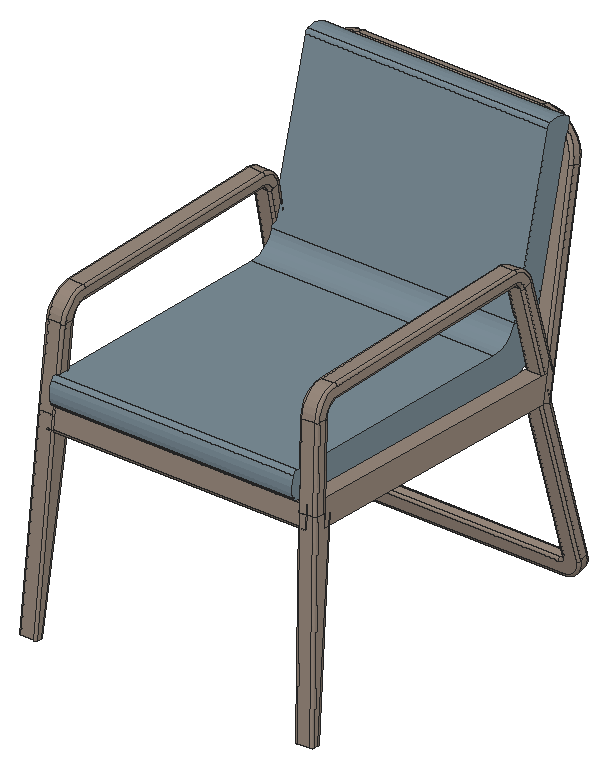
Revit family "FU_Chair_Sandler_Lift 5-1", category Furniture, Revit 2022
Family settings
  OmniClass Number = 23.40.20.00
  OmniClass Title = General Furniture and Specialties
  Work Plane-Based = No
  Always vertical = Yes
  Cut with Voids When Loaded = No
  Render Appearance Source = Family Geometry
  Shared = No
  Room Calculation Point = No
Parameters (values of type "Lift 5.1")
  Width = 580 mm
  URL = "https://www.sandlerseating.com/product/lift-5-1/"
  Seat [instance] = Fabric - Mainline Flax - Epping MLF51
  Model = "Lift 5.1"
  Manufacturer = "Sandler"
  Height = 810 mm
  Frame [instance] = Ash - Walnut Stain
  Description = "Lounge chair with wooden frame and upholstered seat"
  Depth = 720 mm
  Default Elevation = 0 mm
Reference planes
  plane 1 "Center (Front/Back)": y = 0
  plane 2: z = 0
  plane 3 "Center (Left/Right)": x = 0
  plane 4 "Right": x = -290
  plane 5 "Left": x = 290
  plane 6 "Back": y = 360
  plane 7 "Front": y = -360
  plane 8 "Height": z = 810
  plane 9 "Seat Height": z = 420
  plane 10 "Left Frame Angle FRONT": through (272.645, -1524, -0.702) normal (-0.9992, 0, -0.0407)
  plane 11 "Franme Seat Base RIGHT": through (4267.2, 208.015, 371.89) normal (0, -0.0349, -0.9994)
  plane 12 "Right Frame Angle FRONT": through (-272.645, -1524, -0.702) normal (-0.9992, 0, 0.0407)
  plane 13 "Back Legs RIGHT": through (4267.2, 309.143, 56.482) normal (0, -0.9703, -0.2419)
  plane 14 "back Frame RIGHT": through (4267.2, 331.77, 728.538) normal (0, 0.9703, -0.2419)
Forms (mm)
  Sweep 1, solid, material "Ash - Walnut Stain" <- "Frame"
    path origin (272.164, 0, 11.089) x (0.040709, 0, -0.999171) y (0, -1, 0)
      loop
        line (-379.624, 319.212) -> (-537.489, 306.277)
        arc (-537.489, 306.277) -> (-562.922, 294.274) -> (-574.168, 268.496) r 40
        arc (-574.168, 268.496) -> (-580.818, 47.578) -> (-577.717, -173.418) r 5009.061
        arc (-577.717, -173.418) -> (-571.04, -191.229) -> (-554.994, -201.445) r 30
        line (-554.994, -201.445) -> (-380.341, -244.99)
    profile origin (253.497, -312.745, 469.265) x (0.003324, 0.99666, -0.081594) y (-0.999171, 0, -0.040709)
      loop
        line (-13.042, 12.457) -> (-12.958, -12.543)
        arc (-12.958, -12.543) -> (-11.482, -16.074) -> (-7.942, -17.527) r 5
        line (-7.942, -17.527) -> (8.058, -17.473)
        arc (8.058, -17.473) -> (11.589, -15.997) -> (13.042, -12.457) r 5
        line (13.042, -12.457) -> (12.958, 12.543)
        arc (12.958, 12.543) -> (11.482, 16.074) -> (7.942, 17.527) r 5
        line (7.942, 17.527) -> (-8.058, 17.473)
        arc (-8.058, 17.473) -> (-11.589, 15.997) -> (-13.042, 12.457) r 5
  SweptBlend 2, solid, material "Ash - Walnut Stain" <- "Frame"
    path origin (272.164, 0, 11.089) x (0.040709, 0, -0.999171) y (0, -1, 0)
      loop
        line (11.8, 350) -> (-379.579, 317.932)
    profile origin (272.645, -350, -0.702) x (0.003324, 0.99666, -0.081594) y (-0.999171, 0, -0.040709)
      loop
        line (-9.042, 12.47) -> (-8.958, -12.53)
        arc (-8.958, -12.53) -> (-7.482, -16.061) -> (-3.942, -17.513) r 5
        line (-3.942, -17.513) -> (4.058, -17.487)
        arc (4.058, -17.487) -> (7.589, -16.01) -> (9.042, -12.47) r 5
        line (9.042, -12.47) -> (8.958, 12.53)
        arc (8.958, 12.53) -> (7.482, 16.061) -> (3.942, 17.513) r 5
        line (3.942, 17.513) -> (-4.058, 17.487)
        arc (-4.058, 17.487) -> (-7.589, 16.01) -> (-9.042, 12.47) r 5
    end profile origin (256.712, -317.932, 390.353) x (0.003324, 0.99666, -0.081594) y (-0.999171, 0, -0.040709)
      loop
        line (-14.321, 12.457) -> (-14.238, -12.543)
        arc (-14.238, -12.543) -> (-12.761, -16.074) -> (-9.221, -17.527) r 5
        line (-9.221, -17.527) -> (20.779, -17.427)
        arc (20.779, -17.427) -> (24.309, -15.95) -> (25.762, -12.41) r 5
        line (25.762, -12.41) -> (25.679, 12.59)
        arc (25.679, 12.59) -> (24.203, 16.12) -> (20.662, 17.573) r 5
        line (20.662, 17.573) -> (-9.337, 17.473)
        arc (-9.337, 17.473) -> (-12.868, 15.997) -> (-14.321, 12.457) r 5
  Sweep 3, solid, material "Ash - Walnut Stain" <- "Frame"
    path origin (0, 141.339, -35.24) x (0, 0.241922, 0.970296) y (1, 0, 0)
      loop
        line (391.645, -258.785) -> (779.15, -242.514)
        arc (779.15, -242.514) -> (819.94, -224.094) -> (836.633, -182.567) r 60
        line (836.633, -182.567) -> (836.633, 182.567)
        arc (836.633, 182.567) -> (819.94, 224.094) -> (779.15, 242.514) r 60
        line (779.15, 242.514) -> (391.645, 258.785)
    profile origin (0, 343.739, 776.541) x (0, -0.241922, -0.970296) y (0, 0.970296, -0.241922)
      loop
        line (17.5, -7) -> (17.5, 7)
        arc (17.5, 7) -> (16.036, 10.536) -> (12.5, 12) r 5
        line (12.5, 12) -> (-12.5, 12)
        arc (-12.5, 12) -> (-16.036, 10.536) -> (-17.5, 7) r 5
        line (-17.5, 7) -> (-17.5, -7)
        arc (-17.5, -7) -> (-16.036, -10.536) -> (-12.5, -12) r 5
        line (-12.5, -12) -> (12.5, -12)
        arc (12.5, -12) -> (16.036, -10.536) -> (17.5, -7) r 5
  Sweep 4, solid, material "Ash - Walnut Stain" <- "Frame"
    path origin (0, 304.309, 75.873) x (0, 0.241922, -0.970296) y (1, 0, 0)
      loop
        line (-306.52, -256.405) -> (34.647, -270.731)
        arc (34.647, -270.731) -> (52.998, -263.798) -> (60.695, -245.753) r 25
        line (60.695, -245.753) -> (60.695, 245.753)
        arc (60.695, 245.753) -> (52.998, 263.798) -> (34.647, 270.731) r 25
        line (34.647, 270.731) -> (-306.52, 256.405)
    profile origin (0, 318.992, 16.98) x (0, -0.241922, 0.970296) y (0, -0.970296, -0.241922)
      loop
        line (-17.5, 7) -> (-17.5, -7)
        arc (-17.5, -7) -> (-16.036, -10.536) -> (-12.5, -12) r 5
        line (-12.5, -12) -> (12.5, -12)
        arc (12.5, -12) -> (16.036, -10.536) -> (17.5, -7) r 5
        line (17.5, -7) -> (17.5, 7)
        arc (17.5, 7) -> (16.036, 10.536) -> (12.5, 12) r 5
        line (12.5, 12) -> (-12.5, 12)
        arc (-12.5, 12) -> (-16.036, 10.536) -> (-17.5, 7) r 5
  Extrusion 5, solid, material "Ash - Walnut Stain" <- "Frame"
    sketch origin (272.164, 0, 11.089) x (0.040709, 0, -0.999171) y (0, -1, 0)
      loop
        line (-403.803, 310.664) -> (-384.193, -251.371) -> (-334.624, -239.002) -> (-353.803, 310.664) -> (-403.803, 310.664)
    from 17.5 to -17.5
  Sweep 6, solid, material "Ash - Walnut Stain" <- "Frame"
    path origin (-272.164, 0, 11.089) x (-0.040709, 0, -0.999171) y (0, 1, 0)
      loop
        line (-379.624, -319.212) -> (-537.489, -306.277)
        arc (-537.489, -306.277) -> (-562.922, -294.274) -> (-574.168, -268.496) r 40
        arc (-574.168, -268.496) -> (-580.818, -47.578) -> (-577.717, 173.418) r 5009.061
        arc (-577.717, 173.418) -> (-571.04, 191.229) -> (-554.994, 201.445) r 30
        line (-554.994, 201.445) -> (-380.341, 244.99)
    profile origin (-253.497, -312.745, 469.265) x (0.003324, -0.99666, 0.081594) y (0.999171, 0, -0.040709)
      loop
        arc (13.042, 12.457) -> (11.589, 15.997) -> (8.058, 17.473) r 5
        line (8.058, 17.473) -> (-7.942, 17.527)
        arc (-7.942, 17.527) -> (-11.482, 16.074) -> (-12.958, 12.543) r 5
        line (-12.958, 12.543) -> (-13.042, -12.457)
        arc (-13.042, -12.457) -> (-11.589, -15.997) -> (-8.058, -17.473) r 5
        line (-8.058, -17.473) -> (7.942, -17.527)
        arc (7.942, -17.527) -> (11.482, -16.074) -> (12.958, -12.543) r 5
        line (12.958, -12.543) -> (13.042, 12.457)
  SweptBlend 7, solid, material "Ash - Walnut Stain" <- "Frame"
    path origin (-272.164, 0, 11.089) x (-0.040709, 0, -0.999171) y (0, 1, 0)
      loop
        line (11.8, -350) -> (-379.579, -317.932)
    profile origin (-272.645, -350, -0.702) x (0.003324, -0.99666, 0.081594) y (0.999171, 0, -0.040709)
      loop
        arc (9.042, 12.47) -> (7.589, 16.01) -> (4.058, 17.487) r 5
        line (4.058, 17.487) -> (-3.942, 17.513)
        arc (-3.942, 17.513) -> (-7.482, 16.061) -> (-8.958, 12.53) r 5
        line (-8.958, 12.53) -> (-9.042, -12.47)
        arc (-9.042, -12.47) -> (-7.589, -16.01) -> (-4.058, -17.487) r 5
        line (-4.058, -17.487) -> (3.942, -17.513)
        arc (3.942, -17.513) -> (7.482, -16.061) -> (8.958, -12.53) r 5
        line (8.958, -12.53) -> (9.042, 12.47)
    end profile origin (-256.712, -317.932, 390.353) x (0.003324, -0.99666, 0.081594) y (0.999171, 0, -0.040709)
      loop
        arc (14.321, 12.457) -> (12.868, 15.997) -> (9.337, 17.473) r 5
        line (9.337, 17.473) -> (-20.662, 17.573)
        arc (-20.662, 17.573) -> (-24.203, 16.12) -> (-25.679, 12.59) r 5
        line (-25.679, 12.59) -> (-25.762, -12.41)
        arc (-25.762, -12.41) -> (-24.309, -15.95) -> (-20.779, -17.427) r 5
        line (-20.779, -17.427) -> (9.221, -17.527)
        arc (9.221, -17.527) -> (12.761, -16.074) -> (14.238, -12.543) r 5
        line (14.238, -12.543) -> (14.321, 12.457)
  Extrusion 8, solid, material "Ash - Walnut Stain" <- "Frame"
    sketch origin (-272.164, 0, 11.089) x (-0.040709, 0, -0.999171) y (0, 1, 0)
      loop
        line (-403.803, -310.664) -> (-353.803, -310.664) -> (-334.624, 239.002) -> (-384.193, 251.371) -> (-403.803, -310.664)
    from 17.5 to -17.5
  Extrusion 9, solid, material "Ash - Walnut Stain" <- "Frame"
    sketch origin (0, 0, 0) x (0, 1, 0) y (0, 0, 1)
      loop
        line (-330.662, 406.373) -> (-333.452, 366.47)
        arc (-333.452, 366.47) -> (-332.238, 362.841) -> (-328.813, 361.134) r 5
        line (-328.813, 361.134) -> (-301.074, 359.194)
        arc (-301.074, 359.194) -> (-297.445, 360.408) -> (-295.738, 363.833) r 5
        line (-295.738, 363.833) -> (-292.948, 403.736)
        arc (-292.948, 403.736) -> (-294.162, 407.365) -> (-297.587, 409.072) r 5
        line (-297.587, 409.072) -> (-325.326, 411.012)
        arc (-325.326, 411.012) -> (-328.955, 409.798) -> (-330.662, 406.373) r 5
    from -257 to 257
  Extrusion 10, solid, material "Fabric - Mainline Flax - Epping MLF51" <- "Seat"
    sketch origin (0, 0, -0.85) x (0, 1, 0) y (0, 0, 1)
      loop
        line (-333.417, 412.603) -> (198.374, 394.032)
        arc (198.374, 394.032) -> (230.21, 404.07) -> (248.634, 431.906) r 50
        line (248.634, 431.906) -> (337.398, 787.92)
        arc (337.398, 787.92) -> (337.127, 793.664) -> (333.737, 798.308) r 10
        arc (333.737, 798.308) -> (313.379, 806.869) -> (291.412, 804.592) r 44.515
        arc (291.412, 804.592) -> (287.489, 801.95) -> (285.219, 797.8) r 10
        line (285.219, 797.8) -> (202.826, 490.305)
        arc (202.826, 490.305) -> (184.485, 463.213) -> (153.319, 453.261) r 50
        line (153.319, 453.261) -> (-332.068, 465.02)
        arc (-332.068, 465.02) -> (-337.671, 463.465) -> (-341.462, 459.054) r 10
        arc (-341.462, 459.054) -> (-345.901, 439.119) -> (-342.398, 418.999) r 52.51
        arc (-342.398, 418.999) -> (-338.869, 414.451) -> (-333.417, 412.603) r 10
    from -239 to 239
Dimensions and locks
  equal spacing: plane 6 "Back", plane 1 "Center (Front/Back)", plane 7 "Front"
  "Depth": plane 6 "Back" to plane 7 "Front"
  equal spacing: plane 4 "Right", plane 3 "Center (Left/Right)", plane 5 "Left"
  "Width": plane 4 "Right" to plane 5 "Left"
  "Height": plane 8 "Height" to level
  aligned and locked: level to plane 2
Automatic sketch dimensions
  Sweep 1 sketch curve to plane 6 "Back" = 158.555 mm
  Sweep 1 sketch curve to Sweep 1 sketch curve = 7.258 mm
  plane 7 "Front" to Sweep 1 sketch curve = 53.723 mm
  Sweep 1 sketch curve to Sweep 1 sketch curve = 10.248 mm
  Sweep 1 sketch curve to Sweep 1 sketch curve = 3.266 mm
  plane 1 "Center (Front/Back)" to Sweep 1 sketch curve = 7.353 mm
  Sweep 1 sketch curve to Sweep 1 sketch curve = 4962.303 mm
  Sweep 1 sketch curve to Sweep 1 sketch curve = 29.109 mm
  Sweep 1 sketch curve to Sweep 1 sketch curve = 39.866 mm
  Sweep 1 sketch curve to Sweep 1 sketch curve = 0 mm
  Sweep 1 sketch curve to plane 6 "Back" = 115.01 mm
  Sweep 1 sketch curve to Sweep 1 sketch curve = 174.653 mm
  plane 7 "Front" to Sweep 1 sketch curve = 40.788 mm
  Sweep 1 sketch curve to Sweep 1 sketch curve = 157.865 mm
  profile plane to Sweep 1 sketch curve = 13.042 mm
  profile plane to Sweep 1 sketch curve = 12.958 mm
  Sweep 1 sketch curve to Sweep 1 sketch curve = 4.983 mm  (x2)
  Sweep 1 sketch curve to Sweep 1 sketch curve = 0.017 mm  (x6)
  Sweep 1 sketch curve to Sweep 1 sketch curve = 5 mm  (x4)
  Sweep 1 sketch curve to profile plane = 7.942 mm
  Sweep 1 sketch curve to profile plane = 8.042 mm
  Sweep 1 sketch curve to plane 10 "Left Frame Angle FRONT" = 17.527 mm
  Sweep 1 sketch curve to Sweep 1 sketch curve = 0.053 mm
  plane 10 "Left Frame Angle FRONT" to Sweep 1 sketch curve = 12.457 mm
  plane 10 "Left Frame Angle FRONT" to Sweep 1 sketch curve = 12.527 mm
  plane 7 "Front" to SweptBlend 2 sketch curve = 42.068 mm
  plane 7 "Front" to SweptBlend 2 sketch curve = 10 mm
  SweptBlend 2 sketch curve to SweptBlend 2 sketch curve = 391.379 mm
  profile plane to SweptBlend 2 sketch curve = 9.042 mm
  profile plane to SweptBlend 2 sketch curve = 8.958 mm
  profile plane to SweptBlend 2 sketch curve = 4.058 mm
  profile plane to SweptBlend 2 sketch curve = 4.042 mm
  profile plane to SweptBlend 2 sketch curve = 3.958 mm
  profile plane to SweptBlend 2 sketch curve = 3.942 mm
  SweptBlend 2 sketch curve to profile plane = 3.942 mm
  SweptBlend 2 sketch curve to profile plane = 3.958 mm
  SweptBlend 2 sketch curve to profile plane = 4.042 mm
  SweptBlend 2 sketch curve to profile plane = 4.058 mm
  SweptBlend 2 sketch curve to SweptBlend 2 sketch curve = 5 mm  (x7)
  SweptBlend 2 sketch curve to plane 10 "Left Frame Angle FRONT" = 17.513 mm
  SweptBlend 2 sketch curve to SweptBlend 2 sketch curve = 0.027 mm  (x2)
  SweptBlend 2 sketch curve to SweptBlend 2 sketch curve = 4.983 mm  (x2)
  plane 10 "Left Frame Angle FRONT" to SweptBlend 2 sketch curve = 12.47 mm
  SweptBlend 2 sketch curve to SweptBlend 2 sketch curve = 0.017 mm  (x9)
  profile plane to SweptBlend 2 sketch curve = 14.321 mm
  profile plane to SweptBlend 2 sketch curve = 14.238 mm
  SweptBlend 2 sketch curve to profile plane = 20.662 mm
  SweptBlend 2 sketch curve to profile plane = 20.762 mm
  plane 10 "Left Frame Angle FRONT" to SweptBlend 2 sketch curve = 12.59 mm
  SweptBlend 2 sketch curve to plane 10 "Left Frame Angle FRONT" = 12.41 mm
  SweptBlend 2 sketch curve to plane 10 "Left Frame Angle FRONT" = 12.527 mm
  plane 10 "Left Frame Angle FRONT" to SweptBlend 2 sketch curve = 12.457 mm
  plane 4 "Right" to Sweep 3 sketch curve = 31.215 mm
  Sweep 3 sketch curve to plane 5 "Left" = 31.215 mm
  Sweep 3 sketch curve to Sweep 3 sketch curve = 0 mm  (x2)
  Sweep 3 sketch curve to plane 5 "Left" = 107.433 mm
  Sweep 3 sketch curve to Sweep 3 sketch curve = 384.987 mm
  plane 4 "Right" to Sweep 3 sketch curve = 107.433 mm
  plane 4 "Right" to Sweep 3 sketch curve = 47.486 mm
  Sweep 3 sketch curve to Sweep 3 sketch curve = 2.517 mm
  Sweep 3 sketch curve to plane 5 "Left" = 47.486 mm
  Sweep 3 sketch curve to plane 14 "back Frame RIGHT" = 7 mm
  profile plane to Sweep 3 sketch curve = 17.5 mm
  Sweep 3 sketch curve to Sweep 3 sketch curve = 5 mm  (x3)
  Sweep 3 sketch curve to profile plane = 12.5 mm  (x2)
  plane 14 "back Frame RIGHT" to Sweep 3 sketch curve = 7 mm
  plane 4 "Right" to Sweep 4 sketch curve = 33.595 mm
  Sweep 4 sketch curve to plane 5 "Left" = 33.595 mm
  Sweep 4 sketch curve to Sweep 4 sketch curve = 0 mm
  plane 4 "Right" to Sweep 4 sketch curve = 19.269 mm
  Sweep 4 sketch curve to Sweep 4 sketch curve = 341.166 mm  (x2)
  Sweep 4 sketch curve to plane 5 "Left" = 19.269 mm
  Sweep 4 sketch curve to Sweep 4 sketch curve = 1.049 mm  (x2)
  Sweep 4 sketch curve to Sweep 4 sketch curve = 25 mm
  profile plane to Sweep 4 sketch curve = 17.5 mm
  Sweep 4 sketch curve to Sweep 4 sketch curve = 5 mm  (x3)
  Sweep 4 sketch curve to profile plane = 12.5 mm  (x2)
  Sweep 4 sketch curve to plane 13 "Back Legs RIGHT" = 12 mm
  plane 13 "Back Legs RIGHT" to Sweep 4 sketch curve = 7 mm
  plane 7 "Front" to Extrusion 5 sketch curve = 49.336 mm
  Extrusion 5 sketch curve to plane 6 "Back" = 108.629 mm
  Extrusion 5 sketch curve to Extrusion 5 sketch curve = 19.61 mm
  Extrusion 5 sketch curve to Extrusion 5 sketch curve = 50 mm
  Extrusion 5 sketch curve to plane 6 "Back" = 120.998 mm
  Extrusion 5 sketch curve to Extrusion 5 sketch curve = 49.568 mm
  Sweep 6 sketch curve to plane 6 "Back" = 158.555 mm
  Sweep 6 sketch curve to Sweep 6 sketch curve = 7.258 mm
  plane 7 "Front" to Sweep 6 sketch curve = 53.723 mm
  Sweep 6 sketch curve to Sweep 6 sketch curve = 10.248 mm
  Sweep 6 sketch curve to Sweep 6 sketch curve = 3.266 mm
  plane 1 "Center (Front/Back)" to Sweep 6 sketch curve = 7.353 mm
  Sweep 6 sketch curve to Sweep 6 sketch curve = 4962.303 mm
  Sweep 6 sketch curve to Sweep 6 sketch curve = 39.866 mm
  Sweep 6 sketch curve to Sweep 6 sketch curve = 29.109 mm
  Sweep 6 sketch curve to Sweep 6 sketch curve = 0 mm
  Sweep 6 sketch curve to plane 6 "Back" = 115.01 mm
  Sweep 6 sketch curve to Sweep 6 sketch curve = 174.653 mm
  plane 7 "Front" to Sweep 6 sketch curve = 40.788 mm
  Sweep 6 sketch curve to Sweep 6 sketch curve = 157.865 mm
  profile plane to Sweep 6 sketch curve = 13.042 mm
  profile plane to Sweep 6 sketch curve = 12.958 mm
  Sweep 6 sketch curve to Sweep 6 sketch curve = 4.983 mm  (x2)
  Sweep 6 sketch curve to Sweep 6 sketch curve = 0.017 mm  (x6)
  Sweep 6 sketch curve to Sweep 6 sketch curve = 5 mm  (x4)
  Sweep 6 sketch curve to profile plane = 7.942 mm
  Sweep 6 sketch curve to profile plane = 8.042 mm
  Sweep 6 sketch curve to profile plane = 17.527 mm
  Sweep 6 sketch curve to Sweep 6 sketch curve = 0.053 mm
  profile plane to Sweep 6 sketch curve = 12.457 mm
  profile plane to Sweep 6 sketch curve = 12.527 mm
  plane 7 "Front" to SweptBlend 7 sketch curve = 42.068 mm
  plane 7 "Front" to SweptBlend 7 sketch curve = 10 mm
  SweptBlend 7 sketch curve to SweptBlend 7 sketch curve = 391.379 mm
  profile plane to SweptBlend 7 sketch curve = 9.042 mm
  profile plane to SweptBlend 7 sketch curve = 8.958 mm
  profile plane to SweptBlend 7 sketch curve = 4.058 mm
  profile plane to SweptBlend 7 sketch curve = 4.042 mm
  profile plane to SweptBlend 7 sketch curve = 3.958 mm
  profile plane to SweptBlend 7 sketch curve = 3.942 mm
  SweptBlend 7 sketch curve to profile plane = 3.942 mm
  SweptBlend 7 sketch curve to profile plane = 3.958 mm
  SweptBlend 7 sketch curve to profile plane = 4.042 mm
  SweptBlend 7 sketch curve to profile plane = 4.058 mm
  SweptBlend 7 sketch curve to SweptBlend 7 sketch curve = 5 mm  (x6)
  SweptBlend 7 sketch curve to profile plane = 17.513 mm
  SweptBlend 7 sketch curve to SweptBlend 7 sketch curve = 0.027 mm  (x2)
  SweptBlend 7 sketch curve to SweptBlend 7 sketch curve = 4.983 mm  (x2)
  profile plane to SweptBlend 7 sketch curve = 12.47 mm
  SweptBlend 7 sketch curve to SweptBlend 7 sketch curve = 0.017 mm  (x10)
  SweptBlend 7 sketch curve to profile plane = 12.41 mm
  profile plane to SweptBlend 7 sketch curve = 25.762 mm
  profile plane to SweptBlend 7 sketch curve = 12.59 mm
  SweptBlend 7 sketch curve to SweptBlend 7 sketch curve = 0.083 mm
  SweptBlend 7 sketch curve to profile plane = 9.221 mm
  SweptBlend 7 sketch curve to profile plane = 9.321 mm
  SweptBlend 7 sketch curve to profile plane = 12.527 mm
  profile plane to SweptBlend 7 sketch curve = 12.457 mm
  plane 7 "Front" to Extrusion 8 sketch curve = 49.336 mm
  Extrusion 8 sketch curve to plane 6 "Back" = 108.629 mm
  Extrusion 8 sketch curve to Extrusion 8 sketch curve = 19.61 mm
  Extrusion 8 sketch curve to Extrusion 8 sketch curve = 50 mm
  Extrusion 8 sketch curve to plane 6 "Back" = 120.998 mm
  Extrusion 8 sketch curve to Extrusion 8 sketch curve = 49.568 mm
  plane 7 "Front" to Extrusion 9 sketch curve = 26.548 mm
  Extrusion 9 sketch curve to plane 9 "Seat Height" = 13.627 mm
  plane 7 "Front" to Extrusion 9 sketch curve = 29.338 mm
  Extrusion 9 sketch curve to Extrusion 9 sketch curve = 4.639 mm
  Extrusion 9 sketch curve to Extrusion 9 sketch curve = 0.349 mm  (x6)
  Extrusion 9 sketch curve to Extrusion 9 sketch curve = 4.988 mm  (x3)
  Extrusion 9 sketch curve to plane 9 "Seat Height" = 8.988 mm
  Extrusion 9 sketch curve to Extrusion 9 sketch curve = 27.739 mm  (x2)
  Extrusion 9 sketch curve to plane 9 "Seat Height" = 10.928 mm
  Extrusion 9 sketch curve to plane 9 "Seat Height" = 16.264 mm
  Extrusion 9 sketch curve to Extrusion 9 sketch curve = 39.903 mm
  Extrusion 9 sketch curve to Extrusion 9 sketch curve = 1.94 mm
  Extrusion 10 sketch curve to plane 9 "Seat Height" = 8.247 mm
  plane 7 "Front" to Extrusion 10 sketch curve = 26.583 mm
  plane 9 "Seat Height" to Extrusion 10 sketch curve = 1.747 mm
  Extrusion 10 sketch curve to Extrusion 10 sketch curve = 0.349 mm
  plane 7 "Front" to Extrusion 10 sketch curve = 27.69 mm
  Extrusion 10 sketch curve to Extrusion 10 sketch curve = 0.242 mm
  plane 9 "Seat Height" to Extrusion 10 sketch curve = 17.041 mm
  Extrusion 10 sketch curve to Extrusion 10 sketch curve = 38.904 mm
  plane 9 "Seat Height" to Extrusion 10 sketch curve = 32.411 mm
  Extrusion 10 sketch curve to plane 1 "Center (Front/Back)" = 153.319 mm
  Extrusion 10 sketch curve to Extrusion 10 sketch curve = 1.211 mm
  Extrusion 10 sketch curve to plane 9 "Seat Height" = 26.818 mm
  Extrusion 10 sketch curve to Extrusion 10 sketch curve = 45.056 mm
  Extrusion 10 sketch curve to Extrusion 10 sketch curve = 46.801 mm
  plane 9 "Seat Height" to Extrusion 10 sketch curve = 69.455 mm
  Extrusion 10 sketch curve to Extrusion 10 sketch curve = 2.707 mm
  plane 9 "Seat Height" to Extrusion 10 sketch curve = 11.056 mm
  Extrusion 10 sketch curve to Extrusion 10 sketch curve = 48.515 mm
  Extrusion 10 sketch curve to plane 8 "Height" = 13.05 mm
  Extrusion 10 sketch curve to plane 6 "Back" = 74.781 mm
  Extrusion 10 sketch curve to Extrusion 10 sketch curve = 9.659 mm
  Extrusion 10 sketch curve to Extrusion 10 sketch curve = 11.964 mm
  Extrusion 10 sketch curve to Extrusion 10 sketch curve = 32.817 mm
  Extrusion 10 sketch curve to Extrusion 10 sketch curve = 9.703 mm
  Extrusion 10 sketch curve to Extrusion 10 sketch curve = 32.427 mm
  Extrusion 10 sketch curve to Extrusion 10 sketch curve = 9.997 mm
  Extrusion 10 sketch curve to Extrusion 10 sketch curve = 34.963 mm
  Extrusion 10 sketch curve to plane 8 "Height" = 22.93 mm
  Extrusion 10 sketch curve to Extrusion 10 sketch curve = 2.419 mm
  Extrusion 10 sketch curve to Extrusion 10 sketch curve = 2.588 mm
  Extrusion 10 sketch curve to Extrusion 10 sketch curve = 0 mm  (x2)
